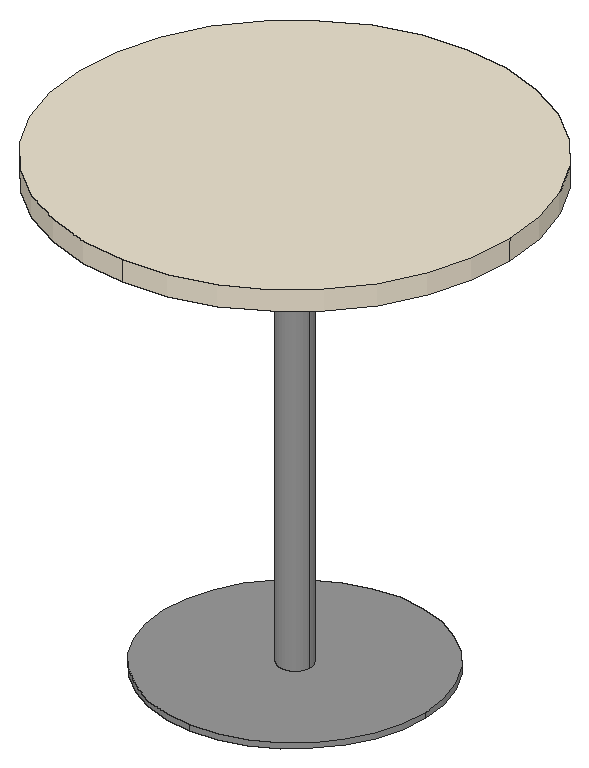
Revit family "FU_Table_Sandler_594-XT", category Furniture, Revit 2020
Family settings
  OmniClass Number = 23.40.20.00
  OmniClass Title = General Furniture and Specialties
  Work Plane-Based = No
  Always vertical = Yes
  Cut with Voids When Loaded = No
  Shared = No
  Room Calculation Point = No
Parameters (values of type "594 XT - 28" Round Top (70cm)")
  Width = 425 mm
  URL = "https://www.sandlerseating.com/product/art-594-xt/"
  Top Type = FU_TableTops_MT Rnd : 28" Round (70cm)
  Top Elevation = Height  # 720 mm
  Top Finish [instance] = Wood - Beech - Grey Stained
  Model = "594 XT"
  Manufacturer = "Sandler"
  Height = 720 mm
  Frame Finish [instance] = Metal - Steel - Matt-Satin
  Description = "Table base in stainless steel."
  Depth = Width  # 425 mm
  Default Elevation = 0 mm
Types (4, lengths in mm): name | Top Type | Frame Finish
  (no name) | FU_TableTops_MT Rnd : 28" Round (70cm) | Metal - Steel - Matt-Satin
  594 XT - 24" Round Top (60cm) | FU_TableTops_MT Rnd : 24" Round (60cm) | Metal - Steel - Matt-Satin
  594 XT - 28" Round Top (70cm) | FU_TableTops_MT Rnd : 28" Round (70cm) | Metal - Steel - Matt-Satin
  594 XT - 24" Square Top (60cm) | FU_TableTops_MT Sqr : 24" Square (60cm) | Metal - Steel - Polished
Reference planes
  plane 1 "Center (Front/Back)": y = 0
  plane 2: z = 0
  plane 3 "Center (Left/Right)": x = 0
  plane 4 "Right": x = -212.5
  plane 5 "Left": x = 212.5
  plane 6 "Back": y = 212.5
  plane 7 "Front": y = -212.5
  plane 8 "Height": z = 720
  plane 9 "Top Support": z = 700
  plane 10 "Glide Height": z = 6
  plane 11 "Base height": z = 14
  plane 12 "R Pad C": x = -196.5
  plane 13 "B Pad C": y = 196.5
  plane 14 "L Pad C": x = 196.5
  plane 15 "F Pad C": y = -196.5
Forms (mm)
  Extrusion 1, solid, material "Metal - Steel - Matt-Satin" <- "Frame Finish"
    sketch origin (0, 0, 6) x (-1, 0, 0) y (0, -1, 0)
      loop
        arc (212.5, 0) -> (150.26, 150.26) -> (0, 212.5) r 212.5
        arc (0, 212.5) -> (-150.26, 150.26) -> (-212.5, 0) r 212.5
        arc (-212.5, 0) -> (-150.26, -150.26) -> (0, -212.5) r 212.5
        arc (0, -212.5) -> (150.26, -150.26) -> (212.5, 0) r 212.5
    from 0 to 8
  Revolve 2, solid, material "Rubber, Black"
    sketch origin (0, 0, 0) x (1, 0, 0) y (0, 0, 1)
      loop
        line (-196.5, 0) -> (-196.5, 6) -> (-204.5, 6) -> (-204.5, 2)
        arc (-204.5, 2) -> (-203.914, 0.586) -> (-202.5, 0) r 2
        line (-202.5, 0) -> (-196.5, 0)
      axis (-196.5, 6) -> (-196.5, 0)
    angle from 0 to 360
  Revolve 3, solid, material "Rubber, Black"
    sketch origin (0, 0, 0) x (-1, 0, 0) y (0, 0, 1)
      loop
        line (-196.5, 0) -> (-196.5, 6) -> (-204.5, 6) -> (-204.5, 2)
        arc (-204.5, 2) -> (-203.914, 0.586) -> (-202.5, 0) r 2
        line (-202.5, 0) -> (-196.5, 0)
      axis (-196.5, 6) -> (-196.5, 0)
    angle from 0 to 360
  Revolve 4, solid, material "Rubber, Black"
    sketch origin (0, 0, 0) x (0, 1, 0) y (0, 0, 1)
      loop
        line (-196.5, 6) -> (-204.5, 6) -> (-204.5, 2)
        arc (-204.5, 2) -> (-203.914, 0.586) -> (-202.5, 0) r 2
        line (-202.5, 0) -> (-196.5, 0) -> (-196.5, 6)
      axis (-196.5, 6) -> (-196.5, 0)
    angle from 0 to 360
  Revolve 5, solid, material "Rubber, Black"
    sketch origin (0, 0, 0) x (0, -1, 0) y (0, 0, 1)
      loop
        line (-196.5, 6) -> (-204.5, 6) -> (-204.5, 2)
        arc (-204.5, 2) -> (-203.914, 0.586) -> (-202.5, 0) r 2
        line (-202.5, 0) -> (-196.5, 0) -> (-196.5, 6)
      axis (-196.5, 6) -> (-196.5, 0)
    angle from 0 to 360
  Extrusion 6, solid, material "Metal - Steel - Matt-Satin" <- "Frame Finish"
    sketch origin (0, 0, 6) x (-1, 0, 0) y (0, -1, 0)
      loop
        circle (0, 0) r 25
    from 0 to 694
Dimensions and locks
  equal spacing: plane 4 "Right", plane 3 "Center (Left/Right)", plane 5 "Left"
  "Width": plane 4 "Right" to plane 5 "Left"
  equal spacing: plane 6 "Back", plane 1 "Center (Front/Back)", plane 7 "Front"
  "Depth": plane 6 "Back" to plane 7 "Front"
  "Height": plane 8 "Height" to level
  locked: plane 8 "Height" to plane 9 "Top Support" at 20
  locked: plane 4 "Right" to plane 12 "R Pad C" at 16
  plane 14 "L Pad C" to plane 5 "Left" = 16 mm
  locked: plane 6 "Back" to plane 13 "B Pad C" at 16
  locked: plane 15 "F Pad C" to plane 7 "Front" at 16
  aligned and locked: level to plane 2
  aligned and locked: plane 11 "Base height" to Extrusion 1
  aligned and locked: Extrusion 1 to plane 11 "Base height"  (x3)
  aligned and locked: plane 8 "Height" to nested 1
  aligned and locked: Extrusion 6 to plane 10 "Glide Height"
  aligned and locked: plane 9 "Top Support" to Extrusion 6
Automatic sketch dimensions
  Extrusion 1 sketch curve to Extrusion 1 sketch curve = 0 mm  (x12)
  plane 1 "Center (Front/Back)" to Extrusion 1 sketch curve = 0 mm
  Extrusion 1 sketch curve to plane 5 "Left" = 0 mm
  Extrusion 1 sketch curve to plane 3 "Center (Left/Right)" = 0 mm  (x3)
  Revolve 2 sketch curve to plane 10 "Glide Height" = 0 mm
  Revolve 2 sketch curve to level = 0 mm
  plane 12 "R Pad C" to Revolve 2 sketch curve = 0 mm  (x2)
  Revolve 2 sketch curve to Revolve 2 sketch curve = 6 mm
  Revolve 2 sketch curve to Revolve 2 sketch curve = 2 mm
  Revolve 2 sketch curve to level = 10.049 mm
  Revolve 2 sketch curve to plane 11 "Base height" = 2.095 mm
  Revolve 3 sketch curve to plane 10 "Glide Height" = 0 mm
  Revolve 3 sketch curve to level = 0 mm
  Revolve 3 sketch curve to plane 14 "L Pad C" = 0 mm  (x2)
  Revolve 3 sketch curve to Revolve 3 sketch curve = 6 mm
  Revolve 3 sketch curve to Revolve 3 sketch curve = 2 mm
  level to Revolve 3 sketch curve = 10.049 mm
  plane 11 "Base height" to Revolve 3 sketch curve = 2.095 mm
  Revolve 4 sketch curve to plane 10 "Glide Height" = 0 mm
  Revolve 4 sketch curve to level = 0 mm
  Revolve 4 sketch curve to plane 15 "F Pad C" = 0 mm  (x2)
  level to Revolve 4 sketch curve = 2 mm
  plane 15 "F Pad C" to Revolve 4 sketch curve = 6 mm
  Revolve 4 sketch curve to level = 5.787 mm
  Revolve 4 sketch curve to plane 11 "Base height" = 1.201 mm
  Revolve 5 sketch curve to plane 10 "Glide Height" = 0 mm
  Revolve 5 sketch curve to level = 0 mm
  Revolve 5 sketch curve to plane 13 "B Pad C" = 0 mm  (x2)
  Revolve 5 sketch curve to level = 2 mm
  Revolve 5 sketch curve to plane 13 "B Pad C" = 6 mm
  Revolve 5 sketch curve to Revolve 5 sketch curve = 5.787 mm
  plane 11 "Base height" to Revolve 5 sketch curve = 1.201 mm
  plane 1 "Center (Front/Back)" to Extrusion 6 sketch curve = 0 mm
  Extrusion 6 sketch curve to plane 3 "Center (Left/Right)" = 0 mm
  radius of Extrusion 6 sketch curve = 25 mm
Nested families
  nested 1: "MT Top Support" at (0, 0, 0), Frame Finish <- "Frame Finish", type "MT Top Support"
    with Frame Finish Metal - Steel - Matt-Satin
  nested 2: "FU_TableTops_MT Rnd" at (0, 0, 0), Top Elevation <- "Top Elevation", Top Finish <- "Top Finish", type <- "Top Type", type "28" Round (70cm)"
    with Top Finish Wood - Beech - Grey Stained, Top Elevation 720 mm
Definition of nested family "MT Top Support"
  Parameters (values of type "MT Top Support")
    Frame Finish [instance] = none
    Default Elevation = 0 mm
  Reference planes
    plane 1 "Center (Front/Back)": y = 0
    plane 2: z = 0
    plane 3 "Center (Left/Right)": x = 0
    plane 4 "Right": x = -210
    plane 5 "Left": x = 210
    plane 6 "Back": y = 210
    plane 7 "Front": y = -210
    plane 8 "Height": z = 720
    plane 9: z = 700
  Forms (mm)
    Extrusion 1, solid, material <- "Frame Finish"
      sketch origin (0, 0, 700) x (-1, 0, 0) y (0, -1, 0)
        loop
          line (48, 44.024) -> (119.736, 115.76)
          arc (119.736, 115.76) -> (116.918, 118.6) -> (114.032, 121.37) r 166.741
          line (114.032, 121.37) -> (40.38, 47.718) -> (-40.38, 47.718) -> (-114.032, 121.37)
          arc (-114.032, 121.37) -> (-116.918, 118.6) -> (-119.736, 115.76) r 166.741
          line (-119.736, 115.76) -> (-48, 44.024) -> (-48, -44.024) -> (-120.014, -116.038)
          arc (-120.014, -116.038) -> (-117.202, -118.884) -> (-114.323, -121.661) r 166.741
          line (-114.323, -121.661) -> (-40.944, -48.282) -> (40.944, -48.282) -> (114.323, -121.661)
          arc (114.323, -121.661) -> (117.202, -118.884) -> (120.014, -116.038) r 166.741
          line (120.014, -116.038) -> (48, -44.024) -> (48, 44.024)
      from 0 to 15
    Extrusion 2, solid, material <- "Frame Finish"
      sketch origin (0, 0, 720) x (-1, 0, 0) y (0, -1, 0)
        loop
          arc (48, 9.198) -> (50.194, 20.46) -> (56.455, 30.074) r 30
          line (56.455, 30.074) -> (155.027, 131.809)
          arc (155.027, 131.809) -> (157.282, 137.439) -> (154.939, 143.033) r 8
          line (154.939, 143.033) -> (142.122, 155.85)
          arc (142.122, 155.85) -> (136.465, 158.193) -> (130.808, 155.85) r 8
          line (130.808, 155.85) -> (32.027, 57.069)
          arc (32.027, 57.069) -> (22.294, 50.566) -> (10.814, 48.282) r 30
          line (10.814, 48.282) -> (-10.814, 48.282)
          arc (-10.814, 48.282) -> (-22.294, 50.566) -> (-32.027, 57.069) r 30
          line (-32.027, 57.069) -> (-130.808, 155.85)
          arc (-130.808, 155.85) -> (-136.465, 158.193) -> (-142.122, 155.85) r 8
          line (-142.122, 155.85) -> (-154.939, 143.033)
          arc (-154.939, 143.033) -> (-157.282, 137.439) -> (-155.027, 131.809) r 8
          line (-155.027, 131.809) -> (-56.455, 30.074)
          arc (-56.455, 30.074) -> (-50.194, 20.46) -> (-48, 9.198) r 30
          line (-48, 9.198) -> (-48, -9.198)
          arc (-48, -9.198) -> (-50.194, -20.46) -> (-56.455, -30.074) r 30
          line (-56.455, -30.074) -> (-155.027, -131.809)
          arc (-155.027, -131.809) -> (-157.282, -137.439) -> (-154.939, -143.033) r 8
          line (-154.939, -143.033) -> (-142.122, -155.85)
          arc (-142.122, -155.85) -> (-136.465, -158.193) -> (-130.808, -155.85) r 8
          line (-130.808, -155.85) -> (-32.027, -57.069)
          arc (-32.027, -57.069) -> (-22.294, -50.566) -> (-10.814, -48.282) r 30
          line (-10.814, -48.282) -> (10.814, -48.282)
          arc (10.814, -48.282) -> (22.294, -50.566) -> (32.027, -57.069) r 30
          line (32.027, -57.069) -> (130.808, -155.85)
          arc (130.808, -155.85) -> (136.465, -158.193) -> (142.122, -155.85) r 8
          line (142.122, -155.85) -> (154.939, -143.033)
          arc (154.939, -143.033) -> (157.282, -137.439) -> (155.027, -131.809) r 8
          line (155.027, -131.809) -> (56.455, -30.074)
          arc (56.455, -30.074) -> (50.194, -20.46) -> (48, -9.198) r 30
          line (48, -9.198) -> (48, 9.198)
        loop
          line (-134.399, -141.055) -> (-124.502, -131.158)
          arc (-124.502, -131.158) -> (-124.502, -125.502) -> (-130.158, -125.502) r 3.999
          line (-130.158, -125.502) -> (-140.055, -135.399)
          arc (-140.055, -135.399) -> (-140, -141.001) -> (-134.399, -141.055) r 4
        loop
          arc (134.399, -141.055) -> (140, -141.001) -> (140.055, -135.399) r 4
          line (140.055, -135.399) -> (130.158, -125.502)
          arc (130.158, -125.502) -> (124.502, -125.502) -> (124.502, -131.158) r 3.999
          line (124.502, -131.158) -> (134.399, -141.055)
        loop
          arc (-134.399, 141.055) -> (-140, 141.001) -> (-140.055, 135.399) r 4
          line (-140.055, 135.399) -> (-130.158, 125.502)
          arc (-130.158, 125.502) -> (-124.502, 125.502) -> (-124.502, 131.158) r 3.999
          line (-124.502, 131.158) -> (-134.399, 141.055)
        loop
          line (134.399, 141.055) -> (124.502, 131.158)
          arc (124.502, 131.158) -> (124.502, 125.502) -> (130.158, 125.502) r 3.999
          line (130.158, 125.502) -> (140.055, 135.399)
          arc (140.055, 135.399) -> (140, 141.001) -> (134.399, 141.055) r 4
        loop
          circle (0, 0) r 7.5
      from -10 to 0
  Dimensions and locks
    equal spacing: plane 4 "Right", plane 3 "Center (Left/Right)", plane 5 "Left"
    plane 4 "Right" to plane 5 "Left" = 420 mm
    equal spacing: plane 6 "Back", plane 1 "Center (Front/Back)", plane 7 "Front"
    plane 6 "Back" to plane 7 "Front" = 420 mm
    plane 8 "Height" to level = 720 mm
    locked: plane 8 "Height" to plane 9 at 20
    aligned and locked: level to plane 2
  Automatic sketch dimensions
    plane 1 "Center (Front/Back)" to Extrusion 2 sketch curve = 0 mm
    Extrusion 2 sketch curve to plane 3 "Center (Left/Right)" = 0 mm
    plane 3 "Center (Left/Right)" to Extrusion 2 sketch curve = 10.814 mm  (x2)
    Extrusion 2 sketch curve to Extrusion 2 sketch curve = 21.213 mm  (x4)
    plane 1 "Center (Front/Back)" to Extrusion 2 sketch curve = 9.198 mm  (x2)
    plane 3 "Center (Left/Right)" to Extrusion 2 sketch curve = 48 mm
    Extrusion 2 sketch curve to plane 1 "Center (Front/Back)" = 30.074 mm  (x2)
    Extrusion 2 sketch curve to Extrusion 2 sketch curve = 8.455 mm  (x4)
    plane 1 "Center (Front/Back)" to Extrusion 2 sketch curve = 30.074 mm  (x2)
    Extrusion 2 sketch curve to plane 1 "Center (Front/Back)" = 9.198 mm  (x2)
    plane 5 "Left" to Extrusion 2 sketch curve = 85.498 mm  (x2)
    Extrusion 2 sketch curve to Extrusion 2 sketch curve = 2.828 mm  (x12)
    Extrusion 2 sketch curve to Extrusion 2 sketch curve = 6.306 mm  (x4)
    Extrusion 2 sketch curve to Extrusion 2 sketch curve = 9.897 mm  (x8)
    Extrusion 2 sketch curve to Extrusion 2 sketch curve = 5.657 mm  (x16)
    Extrusion 2 sketch curve to Extrusion 2 sketch curve = 2.773 mm  (x8)
    Extrusion 2 sketch curve to Extrusion 2 sketch curve = 2.883 mm  (x4)
    Extrusion 2 sketch curve to Extrusion 2 sketch curve = 9.227 mm  (x4)
    Extrusion 2 sketch curve to Extrusion 2 sketch curve = 5.745 mm  (x4)
    Extrusion 2 sketch curve to plane 3 "Center (Left/Right)" = 10.814 mm  (x2)
    Extrusion 2 sketch curve to plane 3 "Center (Left/Right)" = 48 mm
    Extrusion 2 sketch curve to plane 1 "Center (Front/Back)" = 48.282 mm
    Extrusion 2 sketch curve to Extrusion 2 sketch curve = 8.787 mm  (x4)
    Extrusion 2 sketch curve to plane 6 "Back" = 84.498 mm  (x2)
    Extrusion 2 sketch curve to Extrusion 2 sketch curve = 6.307 mm  (x4)
    Extrusion 2 sketch curve to Extrusion 2 sketch curve = 5.567 mm  (x4)
    Extrusion 2 sketch curve to Extrusion 2 sketch curve = 9.138 mm  (x4)
    plane 1 "Center (Front/Back)" to Extrusion 2 sketch curve = 48.282 mm
    plane 7 "Front" to Extrusion 2 sketch curve = 84.498 mm  (x2)
    Extrusion 1 sketch curve to Extrusion 1 sketch curve = 0 mm  (x12)
    Extrusion 1 sketch curve to plane 3 "Center (Left/Right)" = 0 mm
    plane 3 "Center (Left/Right)" to Extrusion 1 sketch curve = 40.38 mm
    plane 3 "Center (Left/Right)" to Extrusion 1 sketch curve = 40.944 mm
    Extrusion 1 sketch curve to Extrusion 1 sketch curve = 7.056 mm  (x2)
    plane 5 "Left" to Extrusion 1 sketch curve = 95.968 mm
    plane 5 "Left" to Extrusion 1 sketch curve = 95.677 mm
    Extrusion 1 sketch curve to Extrusion 1 sketch curve = 5.704 mm  (x2)
    Extrusion 1 sketch curve to Extrusion 1 sketch curve = 5.691 mm  (x2)
    Extrusion 1 sketch curve to plane 3 "Center (Left/Right)" = 40.38 mm
    Extrusion 1 sketch curve to plane 3 "Center (Left/Right)" = 40.944 mm
    Extrusion 1 sketch curve to plane 6 "Back" = 88.339 mm  (x2)
    Extrusion 1 sketch curve to Extrusion 1 sketch curve = 5.623 mm
    Extrusion 1 sketch curve to plane 1 "Center (Front/Back)" = 48.282 mm
    Extrusion 1 sketch curve to Extrusion 1 sketch curve = 4.258 mm  (x2)
    plane 1 "Center (Front/Back)" to Extrusion 1 sketch curve = 44.024 mm  (x2)
    Extrusion 1 sketch curve to Extrusion 1 sketch curve = 3.693 mm
    plane 7 "Front" to Extrusion 1 sketch curve = 94.24 mm  (x2)
    Extrusion 1 sketch curve to plane 4 "Right" = 95.968 mm
    Extrusion 1 sketch curve to plane 4 "Right" = 95.677 mm
    Extrusion 2 sketch curve to plane 4 "Right" = 85.498 mm  (x2)
    radius of Extrusion 2 sketch curve = 7.5 mm
Definition of nested family "FU_TableTops_MT Rnd"
  Parameters (values of type "36" Round (90cm)")
    Width = 900 mm
    Top Finish [instance] = none
    Top Elevation [instance] = 1100 mm
    Depth = Width  # 900 mm
    Default Elevation = 0 mm
  Types (4, lengths in mm): name | Width | Depth
    24" Round (60cm) | 600 | 600
    28" Round (70cm) | 700 | 700
    32" Round (80cm) | 800 | 800
    36" Round (90cm) | 900 | 900
  Reference planes
    plane 1 "Center (Front/Back)": y = 0
    plane 2: z = 0
    plane 3 "Center (Left/Right)": x = 0
    plane 4 "Right": x = -450
    plane 5 "Left": x = 450
    plane 6 "Back": y = 450
    plane 7 "Front": y = -450
    plane 8 "Elevation": z = 1100
    plane 9 "Top Height": z = 1131.75
  Forms (mm)
    Extrusion 1, solid, material <- "Top Finish"
      sketch origin (0, 0, 1100) x (-1, 0, 0) y (0, -1, 0)
        loop
          arc (0, -450) -> (318.198, -318.198) -> (450, 0) r 450
          arc (450, 0) -> (318.198, 318.198) -> (0, 450) r 450
          arc (0, 450) -> (-318.198, 318.198) -> (-450, 0) r 450
          arc (-450, 0) -> (-318.198, -318.198) -> (0, -450) r 450
      from 0 to 31.75
  Dimensions and locks
    equal spacing: plane 4 "Right", plane 3 "Center (Left/Right)", plane 5 "Left"
    "Width": plane 4 "Right" to plane 5 "Left"
    equal spacing: plane 6 "Back", plane 1 "Center (Front/Back)", plane 7 "Front"
    "Depth": plane 6 "Back" to plane 7 "Front"
    "Top Elevation": plane 8 "Elevation" to level
    locked: plane 9 "Top Height" to plane 8 "Elevation" at 31.75
    aligned and locked: level to plane 2
    aligned and locked: plane 9 "Top Height" to Extrusion 1
  Automatic sketch dimensions
    Extrusion 1 sketch curve to Extrusion 1 sketch curve = 0 mm  (x7)
    plane 1 "Center (Front/Back)" to Extrusion 1 sketch curve = 0 mm  (x2)
    Extrusion 1 sketch curve to plane 5 "Left" = 0 mm
    Extrusion 1 sketch curve to plane 3 "Center (Left/Right)" = 0 mm  (x3)
    Extrusion 1 sketch curve to plane 6 "Back" = 0 mm
